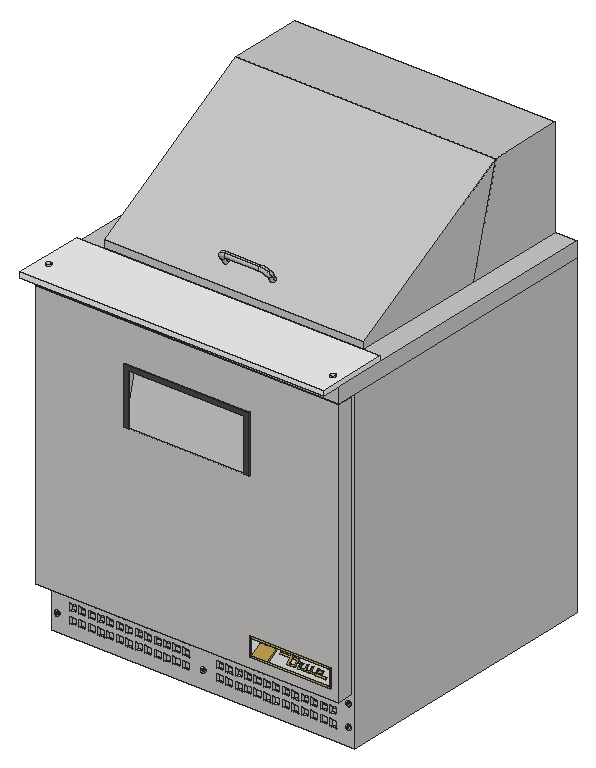
Revit family
Parameters
  Weight = "315 lbs."
  Watts = FL Amps * Volts  # 379.5 W
  Volts = 115 V
  URL Manufacturer = "www.truemfg.com"
  URL Cutsheet = "www.truemfg.com"
  URL = "www.truemfg.com"
  Type Mark [instance] = ""
  Status [instance] = ""
  Specification by User [instance] = ""
  Specification by Manufacturer = ""
  Show Logo [instance] = yes
  Show Clearance [instance] = yes
  Serial Number = ""
  Seismic Rating = ""
  SMACNA No = ""
  Revision Code [instance] = ""
  Phase = 1
  Omniclass Number and Title = ""
  Number of Poles [instance] = 1
  NAFEM Spec ID Number = ""
  Model = "TFP-32-12M"
  Min Ckt Ampacity = 3.3 A
  Max Overcurrent Protection = 5 A
  MasterSpec. = ""
  Manufacturer = "TRUE FOOD SERVICE EQUIPMENT, INC."
  Item Number [instance] = ""
  Installed By [instance] = ""
  Identify Quantity as Lot [instance] = yes
  HP = "1/5"
  Furnished By [instance] = ""
  Foodservice Equipment Identifier [instance] = yes
  FL Amps = 3.3 A
  Electrical Remarks [instance] = ""
  Electric Connection Type [instance] = ""
  Elec Conn RI Height [instance] = 0"
  Elec Conn Connection Height [instance] = 0"
  Description = "FOOD PREP UNIT"
  Cycle = 60 Hz
  Conn Plug = "5-15P"
  Conn Conduit = yes
  CSI MasterFormat = ""
  CSI Master Format = ""
  Apparent Power = if(Phase = 3, Volts * FL Amps * 1.73, Volts * FL Amps)  # 379.5 VA
Reference planes (in)
  plane 1 "BACK": y = -16.5
  plane 2: z = 0
  plane 3 "LEFT": x = 0
  plane 4 "RIGHT": x = 32.125
  plane 5 "FRONT": y = -50.03125
  plane 6 "TOP": z = 46.5
  plane 7: y = -78.65625
Forms (in)
  Extrusion 1, solid, material "QF_Finishes_Stainless Steel"
    sketch origin (8, -16, 0) x (1, 0, 0) y (0, 0, 1)
      loop
        line (-8, 0.75) -> (24.125, 0.75) -> (24.125, 6.05001) -> (-8, 6.05001) -> (-8, 0.75)
      loop
        line (-6.10691, 5.23339) -> (-6.10691, 4.48339) -> (-5.35691, 4.48339) -> (-5.35691, 5.23339) -> (-6.10691, 5.23339)
      loop
        line (-4.10691, 5.23339) -> (-4.10691, 4.48339) -> (-3.35691, 4.48339) -> (-3.35691, 5.23339) -> (-4.10691, 5.23339)
      loop
        line (-2.10691, 5.23339) -> (-2.10691, 4.48339) -> (-1.35691, 4.48339) -> (-1.35691, 5.23339) -> (-2.10691, 5.23339)
      loop
        line (-0.10691, 5.23339) -> (-0.10691, 4.48339) -> (0.64309, 4.48339) -> (0.64309, 5.23339) -> (-0.10691, 5.23339)
      loop
        line (1.89309, 5.23339) -> (1.89309, 4.48339) -> (2.64309, 4.48339) -> (2.64309, 5.23339) -> (1.89309, 5.23339)
      loop
        line (3.89309, 5.23339) -> (3.89309, 4.48339) -> (4.64309, 4.48339) -> (4.64309, 5.23339) -> (3.89309, 5.23339)
      loop
        line (5.89309, 5.23339) -> (5.89309, 4.48339) -> (6.64309, 4.48339) -> (6.64309, 5.23339) -> (5.89309, 5.23339)
      loop
        line (-6.10691, 3.98339) -> (-6.10691, 3.23339) -> (-5.35691, 3.23339) -> (-5.35691, 3.98339) -> (-6.10691, 3.98339)
      loop
        line (-4.10691, 3.98339) -> (-4.10691, 3.23339) -> (-3.35691, 3.23339) -> (-3.35691, 3.98339) -> (-4.10691, 3.98339)
      loop
        line (-2.10691, 3.98339) -> (-2.10691, 3.23339) -> (-1.35691, 3.23339) -> (-1.35691, 3.98339) -> (-2.10691, 3.98339)
      loop
        line (-0.10691, 3.98339) -> (-0.10691, 3.23339) -> (0.64309, 3.23339) -> (0.64309, 3.98339) -> (-0.10691, 3.98339)
      loop
        line (1.89309, 3.98339) -> (1.89309, 3.23339) -> (2.64309, 3.23339) -> (2.64309, 3.98339) -> (1.89309, 3.98339)
      loop
        line (3.89309, 3.98339) -> (3.89309, 3.23339) -> (4.64309, 3.23339) -> (4.64309, 3.98339) -> (3.89309, 3.98339)
      loop
        line (5.89309, 3.98339) -> (5.89309, 3.23339) -> (6.64309, 3.23339) -> (6.64309, 3.98339) -> (5.89309, 3.98339)
      loop
        line (-6.10691, 2.73339) -> (-6.10691, 1.98339) -> (-5.35691, 1.98339) -> (-5.35691, 2.73339) -> (-6.10691, 2.73339)
      loop
        line (-4.10691, 2.73339) -> (-4.10691, 1.98339) -> (-3.35691, 1.98339) -> (-3.35691, 2.73339) -> (-4.10691, 2.73339)
      loop
        line (-2.10691, 2.73339) -> (-2.10691, 1.98339) -> (-1.35691, 1.98339) -> (-1.35691, 2.73339) -> (-2.10691, 2.73339)
      loop
        line (-0.10691, 2.73339) -> (-0.10691, 1.98339) -> (0.64309, 1.98339) -> (0.64309, 2.73339) -> (-0.10691, 2.73339)
      loop
        line (1.89309, 2.73339) -> (1.89309, 1.98339) -> (2.64309, 1.98339) -> (2.64309, 2.73339) -> (1.89309, 2.73339)
      loop
        line (3.89309, 2.73339) -> (3.89309, 1.98339) -> (4.64309, 1.98339) -> (4.64309, 2.73339) -> (3.89309, 2.73339)
      loop
        line (5.89309, 2.73339) -> (5.89309, 1.98339) -> (6.64309, 1.98339) -> (6.64309, 2.73339) -> (5.89309, 2.73339)
      loop
        line (22.23191, 5.23339) -> (21.48191, 5.23339) -> (21.48191, 4.48339) -> (22.23191, 4.48339) -> (22.23191, 5.23339)
      loop
        line (20.23191, 5.23339) -> (19.48191, 5.23339) -> (19.48191, 4.48339) -> (20.23191, 4.48339) -> (20.23191, 5.23339)
      loop
        line (18.23191, 5.23339) -> (17.48191, 5.23339) -> (17.48191, 4.48339) -> (18.23191, 4.48339) -> (18.23191, 5.23339)
      loop
        line (16.23191, 5.23339) -> (15.48191, 5.23339) -> (15.48191, 4.48339) -> (16.23191, 4.48339) -> (16.23191, 5.23339)
      loop
        line (14.23191, 5.23339) -> (13.48191, 5.23339) -> (13.48191, 4.48339) -> (14.23191, 4.48339) -> (14.23191, 5.23339)
      loop
        line (12.23191, 5.23339) -> (11.48191, 5.23339) -> (11.48191, 4.48339) -> (12.23191, 4.48339) -> (12.23191, 5.23339)
      loop
        line (10.23191, 5.23339) -> (9.48191, 5.23339) -> (9.48191, 4.48339) -> (10.23191, 4.48339) -> (10.23191, 5.23339)
      loop
        line (22.23191, 3.98339) -> (21.48191, 3.98339) -> (21.48191, 3.23339) -> (22.23191, 3.23339) -> (22.23191, 3.98339)
      loop
        line (20.23191, 3.98339) -> (19.48191, 3.98339) -> (19.48191, 3.23339) -> (20.23191, 3.23339) -> (20.23191, 3.98339)
      loop
        line (18.23191, 3.98339) -> (17.48191, 3.98339) -> (17.48191, 3.23339) -> (18.23191, 3.23339) -> (18.23191, 3.98339)
      loop
        line (16.23191, 3.98339) -> (15.48191, 3.98339) -> (15.48191, 3.23339) -> (16.23191, 3.23339) -> (16.23191, 3.98339)
      loop
        line (14.23191, 3.98339) -> (13.48191, 3.98339) -> (13.48191, 3.23339) -> (14.23191, 3.23339) -> (14.23191, 3.98339)
      loop
        line (12.23191, 3.98339) -> (11.48191, 3.98339) -> (11.48191, 3.23339) -> (12.23191, 3.23339) -> (12.23191, 3.98339)
      loop
        line (10.23191, 3.98339) -> (9.48191, 3.98339) -> (9.48191, 3.23339) -> (10.23191, 3.23339) -> (10.23191, 3.98339)
      loop
        line (22.23191, 2.73339) -> (21.48191, 2.73339) -> (21.48191, 1.98339) -> (22.23191, 1.98339) -> (22.23191, 2.73339)
      loop
        line (20.23191, 2.73339) -> (19.48191, 2.73339) -> (19.48191, 1.98339) -> (20.23191, 1.98339) -> (20.23191, 2.73339)
      loop
        line (18.23191, 2.73339) -> (17.48191, 2.73339) -> (17.48191, 1.98339) -> (18.23191, 1.98339) -> (18.23191, 2.73339)
      loop
        line (16.23191, 2.73339) -> (15.48191, 2.73339) -> (15.48191, 1.98339) -> (16.23191, 1.98339) -> (16.23191, 2.73339)
      loop
        line (14.23191, 2.73339) -> (13.48191, 2.73339) -> (13.48191, 1.98339) -> (14.23191, 1.98339) -> (14.23191, 2.73339)
      loop
        line (12.23191, 2.73339) -> (11.48191, 2.73339) -> (11.48191, 1.98339) -> (12.23191, 1.98339) -> (12.23191, 2.73339)
      loop
        line (10.23191, 2.73339) -> (9.48191, 2.73339) -> (9.48191, 1.98339) -> (10.23191, 1.98339) -> (10.23191, 2.73339)
      loop
        line (-5.10691, 5.23339) -> (-5.10691, 4.48339) -> (-4.35691, 4.48339) -> (-4.35691, 5.23339) -> (-5.10691, 5.23339)
      loop
        line (-5.10691, 3.98339) -> (-5.10691, 3.23339) -> (-4.35691, 3.23339) -> (-4.35691, 3.98339) -> (-5.10691, 3.98339)
      loop
        line (-5.10691, 2.73339) -> (-5.10691, 1.98339) -> (-4.35691, 1.98339) -> (-4.35691, 2.73339) -> (-5.10691, 2.73339)
      loop
        line (-3.10691, 5.23339) -> (-3.10691, 4.48339) -> (-2.35691, 4.48339) -> (-2.35691, 5.23339) -> (-3.10691, 5.23339)
      loop
        line (-3.10691, 3.98339) -> (-3.10691, 3.23339) -> (-2.35691, 3.23339) -> (-2.35691, 3.98339) -> (-3.10691, 3.98339)
      loop
        line (-3.10691, 2.73339) -> (-3.10691, 1.98339) -> (-2.35691, 1.98339) -> (-2.35691, 2.73339) -> (-3.10691, 2.73339)
      loop
        line (-1.10691, 5.23339) -> (-1.10691, 4.48339) -> (-0.35691, 4.48339) -> (-0.35691, 5.23339) -> (-1.10691, 5.23339)
      loop
        line (-1.10691, 3.98339) -> (-1.10691, 3.23339) -> (-0.35691, 3.23339) -> (-0.35691, 3.98339) -> (-1.10691, 3.98339)
      loop
        line (-1.10691, 2.73339) -> (-1.10691, 1.98339) -> (-0.35691, 1.98339) -> (-0.35691, 2.73339) -> (-1.10691, 2.73339)
      loop
        line (0.89309, 5.23339) -> (0.89309, 4.48339) -> (1.64309, 4.48339) -> (1.64309, 5.23339) -> (0.89309, 5.23339)
      loop
        line (0.89309, 3.98339) -> (0.89309, 3.23339) -> (1.64309, 3.23339) -> (1.64309, 3.98339) -> (0.89309, 3.98339)
      loop
        line (0.89309, 2.73339) -> (0.89309, 1.98339) -> (1.64309, 1.98339) -> (1.64309, 2.73339) -> (0.89309, 2.73339)
      loop
        line (2.89309, 5.23339) -> (2.89309, 4.48339) -> (3.64309, 4.48339) -> (3.64309, 5.23339) -> (2.89309, 5.23339)
      loop
        line (2.89309, 3.98339) -> (2.89309, 3.23339) -> (3.64309, 3.23339) -> (3.64309, 3.98339) -> (2.89309, 3.98339)
      loop
        line (2.89309, 2.73339) -> (2.89309, 1.98339) -> (3.64309, 1.98339) -> (3.64309, 2.73339) -> (2.89309, 2.73339)
      loop
        line (4.89309, 5.23339) -> (4.89309, 4.48339) -> (5.64309, 4.48339) -> (5.64309, 5.23339) -> (4.89309, 5.23339)
      loop
        line (4.89309, 3.98339) -> (4.89309, 3.23339) -> (5.64309, 3.23339) -> (5.64309, 3.98339) -> (4.89309, 3.98339)
      loop
        line (4.89309, 2.73339) -> (4.89309, 1.98339) -> (5.64309, 1.98339) -> (5.64309, 2.73339) -> (4.89309, 2.73339)
      loop
        line (10.48191, 5.23339) -> (10.48191, 4.48339) -> (11.23191, 4.48339) -> (11.23191, 5.23339) -> (10.48191, 5.23339)
      loop
        line (10.48191, 3.98339) -> (10.48191, 3.23339) -> (11.23191, 3.23339) -> (11.23191, 3.98339) -> (10.48191, 3.98339)
      loop
        line (10.48191, 2.73339) -> (10.48191, 1.98339) -> (11.23191, 1.98339) -> (11.23191, 2.73339) -> (10.48191, 2.73339)
      loop
        line (12.48191, 5.23339) -> (12.48191, 4.48339) -> (13.23191, 4.48339) -> (13.23191, 5.23339) -> (12.48191, 5.23339)
      loop
        line (12.48191, 3.98339) -> (12.48191, 3.23339) -> (13.23191, 3.23339) -> (13.23191, 3.98339) -> (12.48191, 3.98339)
      loop
        line (12.48191, 2.73339) -> (12.48191, 1.98339) -> (13.23191, 1.98339) -> (13.23191, 2.73339) -> (12.48191, 2.73339)
      loop
        line (14.48191, 5.23339) -> (14.48191, 4.48339) -> (15.23191, 4.48339) -> (15.23191, 5.23339) -> (14.48191, 5.23339)
      loop
        line (14.48191, 3.98339) -> (14.48191, 3.23339) -> (15.23191, 3.23339) -> (15.23191, 3.98339) -> (14.48191, 3.98339)
      loop
        line (14.48191, 2.73339) -> (14.48191, 1.98339) -> (15.23191, 1.98339) -> (15.23191, 2.73339) -> (14.48191, 2.73339)
      loop
        line (16.48191, 5.23339) -> (16.48191, 4.48339) -> (17.23191, 4.48339) -> (17.23191, 5.23339) -> (16.48191, 5.23339)
      loop
        line (16.48191, 3.98339) -> (16.48191, 3.23339) -> (17.23191, 3.23339) -> (17.23191, 3.98339) -> (16.48191, 3.98339)
      loop
        line (16.48191, 2.73339) -> (16.48191, 1.98339) -> (17.23191, 1.98339) -> (17.23191, 2.73339) -> (16.48191, 2.73339)
      loop
        line (18.48191, 5.23339) -> (18.48191, 4.48339) -> (19.23191, 4.48339) -> (19.23191, 5.23339) -> (18.48191, 5.23339)
      loop
        line (18.48191, 3.98339) -> (18.48191, 3.23339) -> (19.23191, 3.23339) -> (19.23191, 3.98339) -> (18.48191, 3.98339)
      loop
        line (18.48191, 2.73339) -> (18.48191, 1.98339) -> (19.23191, 1.98339) -> (19.23191, 2.73339) -> (18.48191, 2.73339)
      loop
        line (20.48191, 5.23339) -> (20.48191, 4.48339) -> (21.23191, 4.48339) -> (21.23191, 5.23339) -> (20.48191, 5.23339)
      loop
        line (20.48191, 3.98339) -> (20.48191, 3.23339) -> (21.23191, 3.23339) -> (21.23191, 3.98339) -> (20.48191, 3.98339)
      loop
        line (20.48191, 2.73339) -> (20.48191, 1.98339) -> (21.23191, 1.98339) -> (21.23191, 2.73339) -> (20.48191, 2.73339)
    from 29.62 to 29.87
  Extrusion 2, solid, material "QF_Finishes_Stainless Steel"
    sketch origin (0.125, 0, 0) x (0, 1, 0) y (0, 0, 1)
      loop
        line (-16.5, 36) -> (-16.5, 46.5) -> (-24.34375, 46.5) -> (-27.1875, 36) -> (-16.5, 36)
    from 2.18737 to 29.68737
  Extrusion 3, solid, material "QF_Finishes_Stainless Steel"
    sketch origin (0, 0, 0) x (0, 1, 0) y (0, 0, 1)
      loop
        line (-27.1875, 36) -> (-24.34375, 46.5) -> (-41.71875, 36.68893) -> (-41.71875, 36) -> (-27.1875, 36)
    from 2.31237 to 29.81237
  Extrusion 4, solid, material "QF_Finishes_Stainless Steel"
    sketch origin (0, 0, 0) x (0, 1, 0) y (0, 0, 1)
      loop
        line (-48, 36) -> (-48, 34.40823) -> (-16.5, 34.40823) -> (-16.5, 36) -> (-48, 36)
    from 0 to 32.125
  Extrusion 5, solid, material "QF_Finishes_Stainless Steel"
    sketch origin (0, 0, 0) x (0, 1, 0) y (0, 0, 1)
      loop
        line (-45.87, 34.40823) -> (-45.87, 6.04042) -> (-16.96875, 6.04042) -> (-16.96875, 3.25) -> (-45.12, 3.25) -> (-45.12, 1) -> (-45.62, 1) -> (-45.62, 0.75) -> (-44.87, 0.75) -> (-44.87, 3) -> (-16.96875, 3) -> (-16.96875, 0.75) -> (-16.5, 0.75) -> (-16.5, 34.40823) -> (-45.87, 34.40823)
    from 0 to 32.125
  Extrusion 6, solid, material "QF_Finishes_Stainless Steel"
    sketch origin (0, -16.5, 0) x (1, 0, 0) y (0, 0, 1)
      loop
        line (0, 0.75) -> (0.53645, 0.75) -> (0.53645, 6.04042) -> (0, 6.04042) -> (0, 0.75)
      loop
        line (32.125, 0.75) -> (32.125, 6.04042) -> (31.58855, 6.04042) -> (31.58855, 0.75) -> (32.125, 0.75)
    from 0 to 29.12
  Extrusion 7, solid, material "QF_Finishes_Stainless Steel"
    sketch origin (0, -15, 0) x (1, 0, 0) y (0, 0, 1)
      loop
        line (32.125, 6.04042) -> (32.125, 34.28323) -> (0, 34.28323) -> (0, 6.04042) -> (32.125, 6.04042)
      loop
        line (9.4375, 24.28323) -> (22.6875, 24.28323) -> (22.6875, 30.28323) -> (9.4375, 30.28323) -> (9.4375, 24.28323)
    from 31.44201 to 33
  Extrusion 8, solid, material "QF_Finishes_Black"
    sketch origin (0, 1.5, 0) x (0, 1, 0) y (0, 0, 1)
      loop
        line (-47.94201, 33.8406) -> (-47.94201, 20.62458) -> (-47.37, 20.62458) -> (-47.37, 33.8406) -> (-47.94201, 33.8406)
      loop
        line (-47.94201, 19.61128) -> (-47.94201, 6.82675) -> (-47.37, 6.82675) -> (-47.37, 19.61128) -> (-47.94201, 19.61128)
    from 0.53645 to 31.58855
  Extrusion 9, solid, material "QF_Finishes_Stainless Steel"
    sketch origin (0, 1.5, 0) x (0, 1, 0) y (0, 0, 1)
      loop
        line (-47.94201, 30.28323) -> (-49.5, 24.28323) -> (-47.94201, 24.28323) -> (-47.94201, 30.28323)
    from 9.4375 to 22.6875
  Extrusion 10, solid, material "QF_Finishes_Black"
    sketch origin (0, -48, 0) x (1, 0, 0) y (0, 0, 1)
      loop
        line (22.6875, 30.28323) -> (9.4375, 30.28323) -> (9.4375, 24.28323) -> (9.9375, 24.28323) -> (9.9375, 29.78323) -> (22.1875, 29.78323) -> (22.1875, 24.28323) -> (22.6875, 24.28323) -> (22.6875, 30.28323)
    from 0 to 0.125
  Extrusion 11, solid, material "QF_Finishes_White"
    sketch origin (0, 0, 0) x (0, 1, 0) y (0, 0, 1)
      loop
        line (-50.03125, 36.5) -> (-50.03125, 36) -> (-42.53125, 36) -> (-42.53125, 36.5) -> (-50.03125, 36.5)
    from 0 to 32.125
  Sweep 12, solid, material "QF_Finishes_Stainless Steel"
    path origin (-0.09375, -19.52146, 7.92906) x (1, 0, 0) y (0, -0.560766, 0.827974)
      loop
        line (18.42574, 36.0969) -> (18.42574, 36.8469)
        arc (18.42574, 36.8469) -> (18.29892, 37.15309) -> (17.99273, 37.27992) r 0.43301
        line (17.99273, 37.27992) -> (14.37051, 37.27992)
        arc (14.37051, 37.27992) -> (14.06433, 37.15309) -> (13.9375, 36.8469) r 0.43301
        line (13.9375, 36.8469) -> (13.9375, 36.0969)
    profile origin (13.84375, -39.97367, 38.12686) x (1, 0, 0) y (0, -0.827974, -0.560766)
      loop
        circle (-0.25, 0) r 0.25
  Extrusion 13, solid, material "QF_Finishes_Handrails and Railings"
    sketch origin (0, -45.87, 0) x (1, 0, 0) y (0, 0, 1)
      loop
        circle (0.625, 4.80001) r 0.25
      loop
        circle (0.625, 2.55001) r 0.25
      loop
        line (0.60938, 4.93254) -> (0.60938, 4.81564) -> (0.49788, 4.81564) -> (0.49788, 4.78439) -> (0.60938, 4.78439) -> (0.60938, 4.66749) -> (0.64063, 4.66749) -> (0.64063, 4.78439) -> (0.75212, 4.78439) -> (0.75212, 4.81564) -> (0.64063, 4.81564) -> (0.64063, 4.93254) -> (0.60938, 4.93254)
      loop
        line (0.60937, 2.68254) -> (0.60937, 2.56564) -> (0.49788, 2.56564) -> (0.49788, 2.53439) -> (0.60937, 2.53439) -> (0.60937, 2.41749) -> (0.64062, 2.41749) -> (0.64062, 2.53439) -> (0.75212, 2.53439) -> (0.75212, 2.56564) -> (0.64062, 2.56564) -> (0.64062, 2.68254) -> (0.60937, 2.68254)
    from 0 to 0.0625
  Extrusion 14, solid, material "QF_Finishes_Handrails and Railings"
    sketch origin (15.4375, -45.87, 0) x (1, 0, 0) y (0, 0, 1)
      loop
        circle (0.625, 4.80001) r 0.25
      loop
        circle (0.625, 2.55001) r 0.25
      loop
        line (0.60938, 4.93254) -> (0.60938, 4.81564) -> (0.49788, 4.81564) -> (0.49788, 4.78439) -> (0.60938, 4.78439) -> (0.60938, 4.66749) -> (0.64063, 4.66749) -> (0.64063, 4.78439) -> (0.75212, 4.78439) -> (0.75212, 4.81564) -> (0.64063, 4.81564) -> (0.64063, 4.93254) -> (0.60938, 4.93254)
      loop
        line (0.60937, 2.68254) -> (0.60937, 2.56564) -> (0.49788, 2.56564) -> (0.49788, 2.53439) -> (0.60937, 2.53439) -> (0.60937, 2.41749) -> (0.64062, 2.41749) -> (0.64062, 2.53439) -> (0.75212, 2.53439) -> (0.75212, 2.56564) -> (0.64062, 2.56564) -> (0.64062, 2.68254) -> (0.60937, 2.68254)
    from 0 to 0.0625
  Extrusion 15, solid, material "QF_Finishes_Handrails and Railings"
    sketch origin (32.125, -45.87, 0) x (-1, 0, 0) y (0, 0, -1)
      loop
        circle (0.625, -4.80001) r 0.25
      loop
        circle (0.625, -2.55001) r 0.25
      loop
        line (0.60938, -4.93254) -> (0.64062, -4.93254) -> (0.64062, -4.81564) -> (0.75212, -4.81564) -> (0.75212, -4.78439) -> (0.64062, -4.78439) -> (0.64062, -4.66749) -> (0.60938, -4.66749) -> (0.60938, -4.78439) -> (0.49788, -4.78439) -> (0.49788, -4.81564) -> (0.60938, -4.81564) -> (0.60938, -4.93254)
      loop
        line (0.60937, -2.68254) -> (0.64062, -2.68254) -> (0.64062, -2.56564) -> (0.75212, -2.56564) -> (0.75212, -2.53439) -> (0.64062, -2.53439) -> (0.64062, -2.41749) -> (0.60937, -2.41749) -> (0.60937, -2.53439) -> (0.49788, -2.53439) -> (0.49788, -2.56564) -> (0.60937, -2.56564) -> (0.60937, -2.68254)
    from 0 to 0.0625
  Extrusion 16, solid, material "QF_Finishes_Satin - Goldenrod", visible <- "Show Logo"
    sketch origin (21.86083, -13.23203, -22.37075) x (1, 0, 0) y (0, 0, 1)
      loop
        line (4.18351, 31.09206) -> (4.10478, 30.92323) -> (5.15208, 30.92323)
        arc (5.15208, 30.92323) -> (5.17333, 30.88564) -> (5.15208, 30.84805) r 0.04386
        line (5.15208, 30.84805) -> (4.87892, 30.26228)
        arc (4.87892, 30.26228) -> (4.87656, 30.20802) -> (4.91325, 30.16798) r 0.07096
        line (4.91325, 30.16798) -> (5.5829, 30.16798)
        arc (5.5829, 30.16798) -> (5.66746, 30.19464) -> (5.72144, 30.26498) r 0.14742
        line (5.72144, 30.26498) -> (5.9364, 30.72597) -> (6.1339, 30.72597)
        arc (6.1339, 30.72597) -> (6.18572, 30.70692) -> (6.17822, 30.65222) r 0.04405
        line (6.17822, 30.65222) -> (5.99835, 30.26649)
        arc (5.99835, 30.26649) -> (6.00115, 30.20243) -> (6.05523, 30.16798) r 0.06943
        line (6.05523, 30.16798) -> (6.64365, 30.16798)
        arc (6.64365, 30.16798) -> (6.68873, 30.18439) -> (6.71272, 30.22594) r 0.07014
        arc (6.71272, 30.22594) -> (6.7297, 30.18495) -> (6.77068, 30.16798) r 0.05796
        line (6.77068, 30.16798) -> (7.14325, 30.16798)
        arc (7.14325, 30.16798) -> (7.18629, 30.17951) -> (7.2178, 30.21102) r 0.08608
        arc (7.2178, 30.21102) -> (7.23289, 30.1746) -> (7.26931, 30.15952) r 0.0515
        line (7.26931, 30.15952) -> (7.79882, 30.15952)
        arc (7.79882, 30.15952) -> (7.84211, 30.17745) -> (7.86005, 30.22074) r 0.06122
        arc (7.86005, 30.22074) -> (7.89973, 30.18105) -> (7.95394, 30.16653) r 0.10842
        line (7.95394, 30.16653) -> (8.94586, 30.16653) -> (9.05604, 30.35737) -> (8.05555, 30.35737)
        arc (8.05555, 30.35737) -> (8.02794, 30.37652) -> (8.02691, 30.41011) r 0.03732
        line (8.02691, 30.41011) -> (8.04422, 30.44722)
        arc (8.04422, 30.44722) -> (8.07079, 30.48203) -> (8.11255, 30.49524) r 0.07263
        line (8.11255, 30.49524) -> (8.43414, 30.49524)
        arc (8.43414, 30.49524) -> (8.50355, 30.51383) -> (8.55436, 30.56465) r 0.13882
        line (8.55436, 30.56465) -> (8.6475, 30.72597)
        arc (8.6475, 30.72597) -> (8.6475, 30.81208) -> (8.57293, 30.85513) r 0.08611
        line (8.57293, 30.85513) -> (8.23352, 30.85513)
        arc (8.23352, 30.85513) -> (8.14699, 30.84044) -> (8.08663, 30.77673) r 0.13863
        line (8.08663, 30.77673) -> (7.92534, 30.43083)
        arc (7.92534, 30.43083) -> (7.87774, 30.3688) -> (7.80316, 30.34528) r 0.13002
        line (7.80316, 30.34528) -> (7.45109, 30.34528)
        arc (7.45109, 30.34528) -> (7.40895, 30.39128) -> (7.41167, 30.4536) r 0.08151
        line (7.41167, 30.4536) -> (7.59891, 30.85513) -> (7.47974, 30.85513) -> (7.28137, 30.42972)
        arc (7.28137, 30.42972) -> (7.24283, 30.37949) -> (7.18244, 30.36046) r 0.10527
        line (7.18244, 30.36046) -> (6.93967, 30.36046)
        arc (6.93967, 30.36046) -> (6.89865, 30.41392) -> (6.90744, 30.48073) r 0.08805
        line (6.90744, 30.48073) -> (7.08203, 30.85513) -> (6.95897, 30.85513) -> (6.75801, 30.42418)
        arc (6.75801, 30.42418) -> (6.71136, 30.37753) -> (6.64764, 30.36046) r 0.12745
        line (6.64764, 30.36046) -> (6.29609, 30.36046)
        arc (6.29609, 30.36046) -> (6.23295, 30.3899) -> (6.22688, 30.4593) r 0.06967
        line (6.22688, 30.4593) -> (6.34243, 30.70711) -> (6.50577, 30.70711)
        arc (6.50577, 30.70711) -> (6.53334, 30.79018) -> (6.592, 30.85513) r 0.21289
        line (6.592, 30.85513) -> (5.95369, 30.85513)
        arc (5.95369, 30.85513) -> (5.88276, 30.83941) -> (5.83367, 30.78584) r 0.12081
        line (5.83367, 30.78584) -> (5.66065, 30.4148)
        arc (5.66065, 30.4148) -> (5.62087, 30.37502) -> (5.56653, 30.36046) r 0.10869
        line (5.56653, 30.36046) -> (5.18545, 30.36046)
        arc (5.18545, 30.36046) -> (5.15571, 30.40065) -> (5.16137, 30.45033) r 0.06822
        line (5.16137, 30.45033) -> (5.41281, 30.92323) -> (6.04721, 30.92323) -> (6.12594, 31.09206) -> (5.49154, 31.09206) -> (5.57027, 31.2609) -> (5.34459, 31.2609) -> (5.26586, 31.09206) -> (4.18351, 31.09206)
      loop
        arc (8.19062, 30.70184) -> (8.16316, 30.69448) -> (8.14305, 30.67438) r 0.05494
        line (8.14305, 30.67438) -> (8.12672, 30.62415)
        arc (8.12672, 30.62415) -> (8.13429, 30.60587) -> (8.15258, 30.59829) r 0.02586
        line (8.15258, 30.59829) -> (8.43014, 30.59829)
        arc (8.43014, 30.59829) -> (8.45013, 30.60273) -> (8.46638, 30.6152) r 0.04731
        line (8.46638, 30.6152) -> (8.47988, 30.6777)
        arc (8.47988, 30.6777) -> (8.47591, 30.69443) -> (8.46039, 30.70184) r 0.01994
        line (8.46039, 30.70184) -> (8.19062, 30.70184)
      loop
        line (1.13539, 29.6475) -> (2.84485, 29.6475) -> (3.77016, 31.25018) -> (2.0607, 31.25018) -> (1.13539, 29.6475)
    from 34.76797 to 34.83173
  Extrusion 17, solid, material "QF_Finishes_White", visible <- "Show Logo"
    sketch origin (-42.64127, -13.25, -25.21535) x (1, 0, 0) y (0, 0, 1)
      loop
        line (73.84232, 34.15728) -> (65.51732, 34.15728) -> (65.51732, 32.4296) -> (73.84232, 32.4296) -> (73.84232, 34.15728)
    from 34.75 to 34.76797
  Extrusion 18, solid, material "QF_Finishes_Satin - Goldenrod", visible <- "Show Logo"
    sketch origin (-42.64127, -13.25, -25.21535) x (1, 0, 0) y (0, 0, 1)
      loop
        line (73.97982, 34.29477) -> (65.37982, 34.29477) -> (65.37982, 32.2921) -> (73.97982, 32.2921) -> (73.97982, 34.29477)
      loop
        line (65.51732, 34.15728) -> (65.51732, 32.4296) -> (73.84232, 32.4296) -> (73.84232, 34.15728) -> (65.51732, 34.15728)
    from 34.75 to 34.80335
  Revolve 19, solid, material "QF_Finishes_Black"
    sketch origin (1.76401, -42.04829, 0.25) x (1, 0, 0) y (0, 0, 1)
      loop
        line (2.62908, 2.14592) -> (2.525, 2.25) -> (1.475, 2.25) -> (1.375, 2.15) -> (1.375, 1.10871) -> (1.05969, 1.10871) -> (1.05969, 1) -> (2.94031, 1) -> (2.94031, 1.10871) -> (2.62908, 1.10871) -> (2.62908, 2.14592)
      axis (2.94031, 1) -> (1.05969, 1)
    angle from 0 to 360
  Revolve 20, solid, material "QF_Finishes_Chrome - Satin"
    sketch origin (1.76605, -42.79776, -2.97972) x (1, 0, 0) y (0, 0, 1)
      loop
        line (2, 5.74546) -> (2, 5.97972) -> (0.70293, 5.97972) -> (0.70293, 5.74546) -> (2, 5.74546)
      axis (2, 5.74546) -> (2, 5.97972)
    angle from 0 to 360
  Extrusion 21, solid, material "QF_Finishes_Handrails and Railings"
    sketch origin (-46.0152, -14.33096, -2.47972) x (0, 1, 0) y (0, 0, 1)
      loop
        line (-29.85761, 5.24546) -> (-29.85761, 5.04886) -> (-27.1095, 5.04886) -> (-27.1095, 5.24546) -> (-29.85761, 5.24546)
    from 49.10625 to 50.45625
  Extrusion 22, solid, material "QF_Finishes_Handrails and Railings"
    sketch origin (1.76605, -12.67471, -2.21999) x (0, 1, 0) y (0, 0, 1)
      loop
        line (-31.51386, 4.98574) -> (-31.51386, 4.78914) -> (-31.17057, 4.78914) -> (-29.89421, 3.10275)
        arc (-29.89421, 3.10275) -> (-29.21858, 2.8289) -> (-28.76575, 3.40024) r 0.60806
        line (-28.76575, 3.40024) -> (-28.76575, 4.98574) -> (-31.51386, 4.98574)
    from 1.175 to 1.325
  Extrusion 23, solid, material "QF_Finishes_Handrails and Railings"
    sketch origin (5.76605, -12.67471, -2.21999) x (0, 1, 0) y (0, 0, -1)
      loop
        line (-31.51386, -4.98574) -> (-28.76575, -4.98574) -> (-28.76575, -3.40024)
        arc (-28.76575, -3.40024) -> (-29.21858, -2.8289) -> (-29.89421, -3.10275) r 0.60806
        line (-29.89421, -3.10275) -> (-31.17057, -4.78914) -> (-31.51386, -4.78914) -> (-31.51386, -4.98574)
    from 1.175 to 1.325
  Revolve 24, solid, material "QF_Finishes_Black"
    sketch origin (1.76401, -18.86079, 0.25) x (1, 0, 0) y (0, 0, 1)
      loop
        line (2.62908, 2.14592) -> (2.525, 2.25) -> (1.475, 2.25) -> (1.375, 2.15) -> (1.375, 1.10871) -> (1.05969, 1.10871) -> (1.05969, 1) -> (2.94031, 1) -> (2.94031, 1.10871) -> (2.62908, 1.10871) -> (2.62908, 2.14592)
      axis (2.94031, 1) -> (1.05969, 1)
    angle from 0 to 360
  Revolve 25, solid, material "QF_Finishes_Chrome - Satin"
    sketch origin (1.76605, -19.61026, -2.97972) x (1, 0, 0) y (0, 0, 1)
      loop
        line (2, 5.74546) -> (2, 5.97972) -> (0.70293, 5.97972) -> (0.70293, 5.74546) -> (2, 5.74546)
      axis (2, 5.74546) -> (2, 5.97972)
    angle from 0 to 360
  Extrusion 26, solid, material "QF_Finishes_Handrails and Railings"
    sketch origin (-46.0152, 8.85654, -2.47972) x (0, 1, 0) y (0, 0, 1)
      loop
        line (-29.85761, 5.24546) -> (-29.85761, 5.04886) -> (-27.1095, 5.04886) -> (-27.1095, 5.24546) -> (-29.85761, 5.24546)
    from 49.10625 to 50.45625
  Extrusion 27, solid, material "QF_Finishes_Handrails and Railings"
    sketch origin (1.76605, 10.51279, -2.21999) x (0, 1, 0) y (0, 0, 1)
      loop
        line (-31.51386, 4.98574) -> (-31.51386, 4.78914) -> (-31.17057, 4.78914) -> (-29.89421, 3.10275)
        arc (-29.89421, 3.10275) -> (-29.21858, 2.8289) -> (-28.76575, 3.40024) r 0.60806
        line (-28.76575, 3.40024) -> (-28.76575, 4.98574) -> (-31.51386, 4.98574)
    from 1.175 to 1.325
  Extrusion 28, solid, material "QF_Finishes_Handrails and Railings"
    sketch origin (5.76605, 10.51279, -2.21999) x (0, 1, 0) y (0, 0, -1)
      loop
        line (-31.51386, -4.98574) -> (-28.76575, -4.98574) -> (-28.76575, -3.40024)
        arc (-28.76575, -3.40024) -> (-29.21858, -2.8289) -> (-29.89421, -3.10275) r 0.60806
        line (-29.89421, -3.10275) -> (-31.17057, -4.78914) -> (-31.51386, -4.78914) -> (-31.51386, -4.98574)
    from 1.175 to 1.325
  Revolve 29, solid, material "QF_Finishes_Black"
    sketch origin (30.36099, -42.04829, 0.25) x (-1, 0, 0) y (0, 0, -1)
      loop
        line (2.62908, -2.14592) -> (2.62908, -1.10871) -> (2.94031, -1.10871) -> (2.94031, -1) -> (1.05969, -1) -> (1.05969, -1.10871) -> (1.375, -1.10871) -> (1.375, -2.15) -> (1.475, -2.25) -> (2.525, -2.25) -> (2.62908, -2.14592)
      axis (2.94031, -1) -> (1.05969, -1)
    angle from 0 to 360
  Revolve 30, solid, material "QF_Finishes_Chrome - Satin"
    sketch origin (30.35895, -42.79776, -2.97972) x (-1, 0, 0) y (0, 0, -1)
      loop
        line (2, -5.74546) -> (0.70293, -5.74546) -> (0.70293, -5.97972) -> (2, -5.97972) -> (2, -5.74546)
      axis (2, -5.74546) -> (2, -5.97972)
    angle from 0 to 360
  Extrusion 31, solid, material "QF_Finishes_Handrails and Railings"
    sketch origin (78.1402, -14.33096, -2.47972) x (0, 1, 0) y (0, 0, -1)
      loop
        line (-29.85761, -5.24546) -> (-27.1095, -5.24546) -> (-27.1095, -5.04886) -> (-29.85761, -5.04886) -> (-29.85761, -5.24546)
    from 49.10625 to 50.45625
  Extrusion 32, solid, material "QF_Finishes_Handrails and Railings"
    sketch origin (30.35895, -12.67471, -2.21999) x (0, 1, 0) y (0, 0, -1)
      loop
        line (-31.51386, -4.98574) -> (-28.76575, -4.98574) -> (-28.76575, -3.40024)
        arc (-28.76575, -3.40024) -> (-29.21858, -2.8289) -> (-29.89421, -3.10275) r 0.60806
        line (-29.89421, -3.10275) -> (-31.17057, -4.78914) -> (-31.51386, -4.78914) -> (-31.51386, -4.98574)
    from 1.175 to 1.325
  Extrusion 33, solid, material "QF_Finishes_Handrails and Railings"
    sketch origin (26.35895, -12.67471, -2.21999) x (0, 1, 0) y (0, 0, 1)
      loop
        line (-31.51386, 4.98574) -> (-31.51386, 4.78914) -> (-31.17057, 4.78914) -> (-29.89421, 3.10275)
        arc (-29.89421, 3.10275) -> (-29.21858, 2.8289) -> (-28.76575, 3.40024) r 0.60806
        line (-28.76575, 3.40024) -> (-28.76575, 4.98574) -> (-31.51386, 4.98574)
    from 1.175 to 1.325
  Revolve 34, solid, material "QF_Finishes_Black"
    sketch origin (30.36099, -18.86079, 0.25) x (-1, 0, 0) y (0, 0, -1)
      loop
        line (2.62908, -2.14592) -> (2.62908, -1.10871) -> (2.94031, -1.10871) -> (2.94031, -1) -> (1.05969, -1) -> (1.05969, -1.10871) -> (1.375, -1.10871) -> (1.375, -2.15) -> (1.475, -2.25) -> (2.525, -2.25) -> (2.62908, -2.14592)
      axis (2.94031, -1) -> (1.05969, -1)
    angle from 0 to 360
  Revolve 35, solid, material "QF_Finishes_Chrome - Satin"
    sketch origin (30.35895, -19.61026, -2.97972) x (-1, 0, 0) y (0, 0, -1)
      loop
        line (2, -5.74546) -> (0.70293, -5.74546) -> (0.70293, -5.97972) -> (2, -5.97972) -> (2, -5.74546)
      axis (2, -5.74546) -> (2, -5.97972)
    angle from 0 to 360
  Extrusion 36, solid, material "QF_Finishes_Handrails and Railings"
    sketch origin (78.1402, 8.85654, -2.47972) x (0, 1, 0) y (0, 0, -1)
      loop
        line (-29.85761, -5.24546) -> (-27.1095, -5.24546) -> (-27.1095, -5.04886) -> (-29.85761, -5.04886) -> (-29.85761, -5.24546)
    from 49.10625 to 50.45625
  Extrusion 37, solid, material "QF_Finishes_Handrails and Railings"
    sketch origin (30.35895, 10.51279, -2.21999) x (0, 1, 0) y (0, 0, -1)
      loop
        line (-31.51386, -4.98574) -> (-28.76575, -4.98574) -> (-28.76575, -3.40024)
        arc (-28.76575, -3.40024) -> (-29.21858, -2.8289) -> (-29.89421, -3.10275) r 0.60806
        line (-29.89421, -3.10275) -> (-31.17057, -4.78914) -> (-31.51386, -4.78914) -> (-31.51386, -4.98574)
    from 1.175 to 1.325
  Extrusion 38, solid, material "QF_Finishes_Handrails and Railings"
    sketch origin (26.35895, 10.51279, -2.21999) x (0, 1, 0) y (0, 0, 1)
      loop
        line (-31.51386, 4.98574) -> (-31.51386, 4.78914) -> (-31.17057, 4.78914) -> (-29.89421, 3.10275)
        arc (-29.89421, 3.10275) -> (-29.21858, 2.8289) -> (-28.76575, 3.40024) r 0.60806
        line (-28.76575, 3.40024) -> (-28.76575, 4.98574) -> (-31.51386, 4.98574)
    from 1.175 to 1.325
  Extrusion 39, solid, material "QF_Finishes_Stainless Steel"
    sketch origin (0, -16.5, 0) x (1, 0, 0) y (0, 0, 1)
      loop
        circle (29.81237, 6.1875) r 0.25
    from 0 to 0.125
  Extrusion 40, solid, material "QF_Finishes_Handrails and Railings"
    sketch origin (0, 0, 36.5) x (1, 0, 0) y (0, 1, 0)
      loop
        circle (31.125, -47.5255) r 0.25
      loop
        circle (1, -47.5255) r 0.25
    from 0 to 0.0625
  Extrusion 41, solid, material "QF_Finishes_Drawer Clearance", visible <- "Show Clearance", detail levels coarse
    sketch origin (47.4169, 20.29294, 0) x (-1, 0, 0) y (0, -1, 0)
      loop
        line (15.2919, 68.29294) -> (47.4169, 68.29294)
        arc (47.4169, 68.29294) -> (37.92499, 90.50646) -> (15.2919, 98.94919) r 30.65625
        line (15.2919, 98.94919) -> (15.2919, 68.29294)
    from 6.04042 to 34.28323
  Extrusion 42, solid, material "QF_Finishes_Door Clearance", visible <- "Show Clearance", detail levels coarse
    sketch origin (45.8125, 0, 0) x (0, 1, 0) y (0, 0, 1)
      loop
        arc (-33.33597, 51.28125) -> (-39.80735, 45.30164) -> (-41.70413, 36.69719) r 14.71978
        line (-41.70413, 36.69719) -> (-24.34375, 46.5) -> (-33.33597, 51.28125)
    from -16.00013 to -43.5
Cuts and joins
  joined: Extrusion 1, Extrusion 5, Extrusion 6
Lines and regions (in)
  symbolic lines
    curve 1: line (0, -16.5, 0) -> (32.125, -16.5, 0)
    curve 2: line (0, -50.03125, 0) -> (0, -16.5, 0)
    curve 3: line (32.125, -50.03125, 0) -> (0, -50.03125, 0)
    curve 4: line (32.125, -16.5, 0) -> (32.125, -50.03125, 0)
    curve 5: line (32.125, -42.53125, 0) -> (0, -42.53125, 0)
    curve 6: line (2.31237, -41.71875, 0) -> (29.81237, -41.71875, 0)
    curve 7: line (2.31237, -16.5, 0) -> (2.31237, -41.71875, 0)
    curve 8: line (29.81237, -41.71875, 0) -> (29.81237, -16.5, 0)
    curve 9: line (29.81237, -24.34375, 0) -> (2.31237, -24.34375, 0)
    curve 10: line (13.84375, -39.75557, 0) -> (13.84375, -40.17542, 0)
    curve 11: line (14.22876, -40.31537, 0) -> (17.94751, -40.31537, 0)
    curve 12: arc (13.84375, -40.17542, 0) -> (14.02393, -40.2793, 0) -> (14.22876, -40.31537, 0) r 0.59956
    curve 13: arc (18.33253, -40.17542, 0) -> (18.15235, -40.2793, 0) -> (17.94751, -40.31537, 0) r 0.59956
    curve 14: line (18.33253, -39.75557, 0) -> (18.33253, -40.17542, 0)
    curve 15: arc (18.33253, -39.75557, 0) -> (18.58226, -39.55231, 0) -> (18.83199, -39.75557, 0) r 0.25505
    curve 16: arc (13.84375, -39.75557, 0) -> (13.59402, -39.55231, 0) -> (13.34428, -39.75557, 0) r 0.25505
    curve 17: line (13.34428, -39.75557, 0) -> (13.34428, -40.19059, 0)
    curve 18: arc (13.34428, -40.19059, 0) -> (13.4053, -40.43409, 0) -> (13.57394, -40.62004, 0) r 0.51637
    curve 19: arc (13.57394, -40.62004, 0) -> (13.90755, -40.77465, 0) -> (14.2724, -40.82032, 0) r 1.19313
    curve 20: line (14.2724, -40.82032, 0) -> (17.97583, -40.82032, 0)
    curve 21: line (18.83199, -39.75557, 0) -> (18.83199, -40.19059, 0)
    curve 22: arc (18.83199, -40.19059, 0) -> (18.77098, -40.43409, 0) -> (18.60234, -40.62004, 0) r 0.51637
    curve 23: arc (18.60234, -40.62004, 0) -> (18.30316, -40.76421, 0) -> (17.97583, -40.82032, 0) r 1.19313
    curve 24: circle (31.125, -47.5255, 0) r 0.25 normal (0, 0, 1)
    curve 25: circle (1, -47.5255, 0) r 0.25 normal (0, 0, 1)
  symbolic lines, style "SpecialityEquipmentHiddenLines"
    curve 26: line (3.93527, -17.51233, 0) -> (4.85647, -18.04419, 0)
    curve 27: line (2.68527, -19.67739, 0) -> (3.93527, -17.51233, 0)
    curve 28: line (3.60647, -20.20925, 0) -> (2.68527, -19.67739, 0)
    curve 29: line (4.85647, -18.04419, 0) -> (3.60647, -20.20925, 0)
    curve 30: line (28.52817, -17.51233, 0) -> (29.44937, -18.04419, 0)
    curve 31: line (27.27817, -19.67739, 0) -> (28.52817, -17.51233, 0)
    curve 32: line (28.19937, -20.20925, 0) -> (27.27817, -19.67739, 0)
    curve 33: line (29.44937, -18.04419, 0) -> (28.19937, -20.20925, 0)
    curve 34: line (3.93527, -40.69983, 0) -> (4.85647, -41.23169, 0)
    curve 35: line (2.68527, -42.86489, 0) -> (3.93527, -40.69983, 0)
    curve 36: line (3.60647, -43.39675, 0) -> (2.68527, -42.86489, 0)
    curve 37: line (4.85647, -41.23169, 0) -> (3.60647, -43.39675, 0)
    curve 38: line (28.52817, -40.69983, 0) -> (29.44937, -41.23169, 0)
    curve 39: line (27.27817, -42.86489, 0) -> (28.52817, -40.69983, 0)
    curve 40: line (28.19937, -43.39675, 0) -> (27.27817, -42.86489, 0)
    curve 41: line (29.44937, -41.23169, 0) -> (28.19937, -43.39675, 0)
  symbolic lines, style "QF-Door Swings", detail levels coarse
    curve 42: line (32.125, -50.03125, 0) -> (5.22523, -65.56184, 0)
  symbolic lines, style "QF-Door Swings"
    curve 43: arc (0, -48, 0) -> (1.33401, -57.16135, 0) -> (5.22523, -65.56184, 0) r 32.125
Dimensions and locks (in)
  plane 3 "LEFT" to plane 4 "RIGHT" = 32 1/8"
  plane 4 "RIGHT" to plane 3 "LEFT" = 32 1/8"
  plane 6 "TOP" to level = 46 1/2"
  plane 5 "FRONT" to plane 1 "BACK" = 33 17/32"  (x2)
  locked: Extrusion 2 to Extrusion 2 at 27.5
  Extrusion 3 to plane 1 "BACK" = 7 27/32"
  Extrusion 3 to plane 1 "BACK" = 10 11/16"
  Extrusion 3 to plane 1 "BACK" = 25 7/32"
  plane 6 "TOP" to Extrusion 4 = 10 1/2"
  Extrusion 7 to plane 1 "BACK" = 31 1/2"
  cut or joined group of Extrusion 1, Extrusion 5, Extrusion 6 to Extrusion 4 = 33"
  cut or joined group of Extrusion 1, Extrusion 5, Extrusion 6 to level = 3/4"
  plane 7 to Extrusion 41 = 30 21/32"
  aligned and locked: level to plane 2
  aligned and locked: Extrusion 2 to Extrusion 3
  aligned and locked: Extrusion 3 to Extrusion 2
  aligned and locked: plane 4 "RIGHT" to Extrusion 4
  aligned and locked: Extrusion 9 to Extrusion 7  (x2)
  aligned and locked: cut or joined group of Extrusion 1, Extrusion 5, Extrusion 6 to cut or joined group of Extrusion 1, Extrusion 5, Extrusion 6
  aligned and locked: Extrusion 17 to Extrusion 18  (x4)
  aligned and locked: Extrusion 2 sketch curve to Extrusion 3
  aligned and locked: Extrusion 21 to Revolve 20
  aligned and locked: Revolve 20 to Revolve 20
  aligned and locked: Extrusion 26 to Revolve 25
  aligned and locked: Revolve 25 to Revolve 25
  aligned and locked: Extrusion 31 to Revolve 30
  aligned and locked: Revolve 30 to Revolve 30
  aligned and locked: Extrusion 36 to Revolve 35
  aligned and locked: Revolve 35 to Revolve 35
Connectors (in)
  electrical at (29.81237, -16.5, 6.1875), driven by "Volts", driven by "Watts"
    settings: on Extrusion 39, index 1, voltage 115 V, apparent load 379.5 VA, apparent load phase1 0 VA, apparent load phase2 0 VA, apparent load phase3 0 VA, power factor 1, load classification "Other", number of poles 1, system type 30, power factor state 1, is connector primary yes, connector utility no, sub classification motor no, connector description "Electrical Connection"
